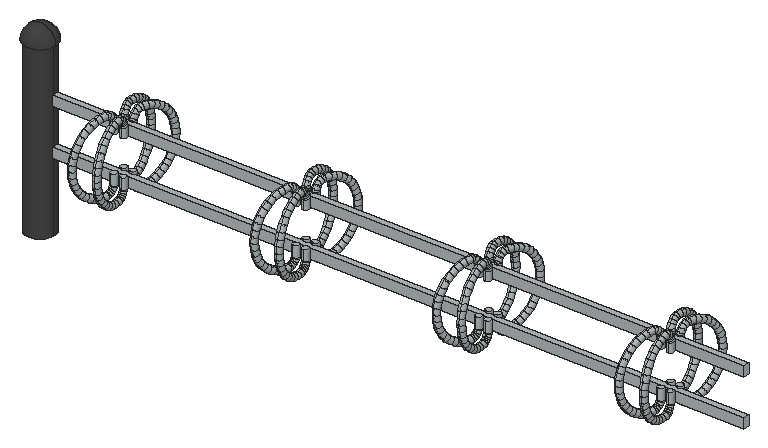
Revit family "Sirius 8 Pl Sned", category Furniture, Revit 2020 (continued)
Lines and regions (mm)
  sketch lines
    curve 455: line (1462.323, 36.097, 437.934) -> (1461.077, 29.032, 436.517)
    curve 456: line (1465.52, 54.227, 436.543) -> (1462.323, 36.097, 437.934)
    curve 457: line (1468.495, 71.099, 432.471) -> (1465.52, 54.227, 436.543)
    curve 458: line (1471.402, 87.585, 425.254) -> (1468.495, 71.099, 432.471)
    curve 459: line (1474.093, 102.844, 415.91) -> (1471.402, 87.585, 425.254)
    curve 460: line (1476.52, 116.61, 404.236) -> (1474.093, 102.844, 415.91)
    curve 461: line (1478.505, 127.867, 390.475) -> (1476.52, 116.61, 404.236)
    curve 462: line (1480.222, 137.607, 374.612) -> (1478.505, 127.867, 390.475)
    curve 463: line (1481.349, 143.997, 357.765) -> (1480.222, 137.607, 374.612)
    curve 464: line (1482.077, 148.128, 339.707) -> (1481.349, 143.997, 357.765)
    curve 465: line (1482.342, 149.629, 321.525) -> (1482.077, 148.128, 339.707)
    curve 466: line (1482.125, 148.399, 303.442) -> (1482.342, 149.629, 321.525)
    curve 467: line (1481.346, 143.981, 285.879) -> (1482.125, 148.399, 303.442)
    curve 468: line (1480.19, 137.423, 269.673) -> (1481.346, 143.981, 285.879)
    curve 469: line (1478.543, 128.085, 254.163) -> (1480.19, 137.423, 269.673)
    curve 470: line (1476.443, 116.173, 239.56) -> (1478.543, 128.085, 254.163)
    curve 471: line (1474.056, 102.637, 227.65) -> (1476.443, 116.173, 239.56)
    curve 472: line (1471.328, 87.163, 218.285) -> (1474.056, 102.637, 227.65)
    curve 473: line (1468.536, 71.333, 211.366) -> (1471.328, 87.163, 218.285)
    curve 474: line (1465.856, 56.13, 208.035) -> (1468.536, 71.333, 211.366)
    curve 475: line (1462.681, 38.124, 205.457) -> (1465.856, 56.13, 208.035)
    curve 476: line (1461.298, 30.285, 206.473) -> (1462.681, 38.124, 205.457)
    curve 477: line (1459.62, 20.764, 212.19) -> (1461.298, 30.285, 206.473)
    curve 478: line (1458.649, 15.26, 217.779) -> (1459.62, 20.764, 212.19)
    curve 479: line (1457.998, 11.568, 225.479) -> (1458.649, 15.26, 217.779)
    curve 480: line (1457.733, 10.063, 233.466) -> (1457.998, 11.568, 225.479)
    curve 481: line (1457.733, 10.063, 263.579) -> (1457.733, 10.063, 233.466)
    curve 482: line (1427.32, 10.536, 412.294) -> (1427.32, 10.536, 379.531)
    curve 483: line (1427.212, 11.15, 416.654) -> (1427.32, 10.536, 412.294)
    curve 484: line (1426.365, 15.955, 425.205) -> (1427.212, 11.15, 416.654)
    curve 485: line (1425.389, 21.49, 431.622) -> (1426.365, 15.955, 425.205)
    curve 486: line (1424.02, 29.253, 435.963) -> (1425.389, 21.49, 431.622)
    curve 487: line (1422.774, 36.319, 437.38) -> (1424.02, 29.253, 435.963)
    curve 488: line (1419.577, 54.449, 435.989) -> (1422.774, 36.319, 437.38)
    curve 489: line (1416.602, 71.32, 431.917) -> (1419.577, 54.449, 435.989)
    curve 490: line (1413.696, 87.806, 424.7) -> (1416.602, 71.32, 431.917)
    curve 491: line (1411.005, 103.066, 415.356) -> (1413.696, 87.806, 424.7)
    curve 492: line (1408.578, 116.831, 403.682) -> (1411.005, 103.066, 415.356)
    curve 493: line (1406.593, 128.088, 389.921) -> (1408.578, 116.831, 403.682)
    curve 494: line (1404.875, 137.828, 374.058) -> (1406.593, 128.088, 389.921)
    curve 495: line (1403.749, 144.218, 357.211) -> (1404.875, 137.828, 374.058)
    curve 496: line (1403.02, 148.349, 339.153) -> (1403.749, 144.218, 357.211)
    curve 497: line (1402.755, 149.851, 320.971) -> (1403.02, 148.349, 339.153)
    curve 498: line (1402.972, 148.62, 302.888) -> (1402.755, 149.851, 320.971)
    curve 499: line (1403.751, 144.202, 285.325) -> (1402.972, 148.62, 302.888)
    curve 500: line (1404.908, 137.644, 269.119) -> (1403.751, 144.202, 285.325)
    curve 501: line (1406.554, 128.306, 253.609) -> (1404.908, 137.644, 269.119)
    curve 502: line (1408.655, 116.394, 239.006) -> (1406.554, 128.306, 253.609)
    curve 503: line (1411.041, 102.858, 227.096) -> (1408.655, 116.394, 239.006)
    curve 504: line (1413.77, 87.384, 217.731) -> (1411.041, 102.858, 227.096)
    curve 505: line (1416.561, 71.554, 210.812) -> (1413.77, 87.384, 217.731)
    curve 506: line (1419.242, 56.351, 207.481) -> (1416.561, 71.554, 210.812)
    curve 507: line (1422.417, 38.345, 204.903) -> (1419.242, 56.351, 207.481)
    curve 508: line (1423.799, 30.507, 205.919) -> (1422.417, 38.345, 204.903)
    curve 509: line (1425.478, 20.985, 211.636) -> (1423.799, 30.507, 205.919)
    curve 510: line (1426.448, 15.481, 217.225) -> (1425.478, 20.985, 211.636)
    curve 511: line (1427.099, 11.789, 224.925) -> (1426.448, 15.481, 217.225)
    curve 512: line (1427.365, 10.285, 232.912) -> (1427.099, 11.789, 224.925)
    curve 513: line (1427.365, 10.285, 263.025) -> (1427.365, 10.285, 232.912)
  reference lines
    curve 65: line (51.267, 0, 549.504) -> (2271.267, 0, 549.504)
Dimensions and locks
  aligned and locked: level to plane 2
